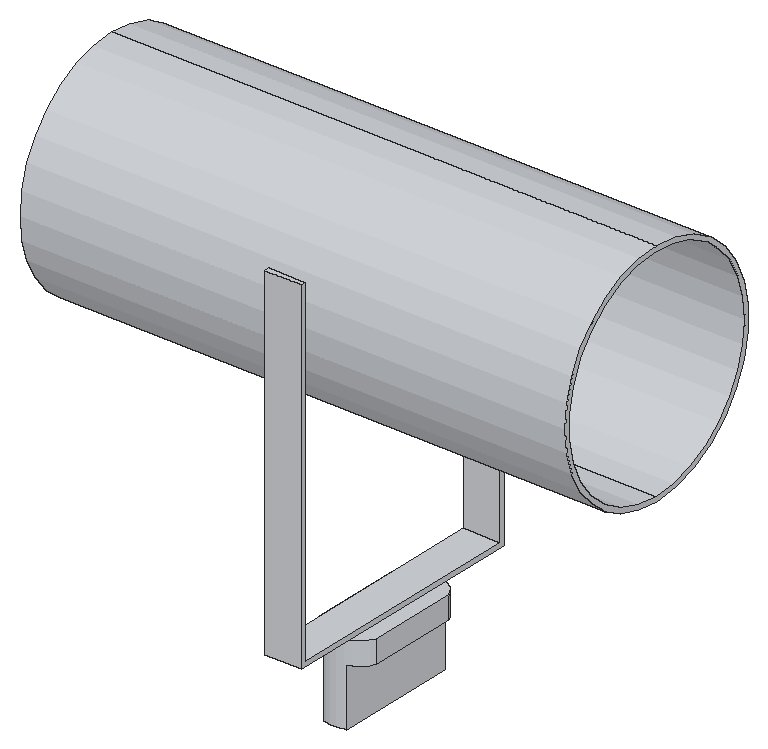
Revit family "EURS_63_LF_FB_ST321T", category Lighting Fixtures, host Face, Revit 2018 (continued)
Definition of nested family "ST321T IES Data"
  Types (216, lengths in mm): name | Wattage | built-in parameter 1150134 | Photometric Web File | built-in parameter 1150105 | Lumens | Lamp | built-in parameter 1150107 | built-in parameter 1150106 | built-in parameter 1150104 | Apparent Load
    1 xLED27S_FR WB | 33 W | (empty or 0) | "ST321T 1 xLED27S_FR WB.ies" | 246.69 (stored number, unit not read) | 3100 lm | "LED27S/FR/-" | 3000 (stored number, unit not read) | 2.4669 (stored number, unit not read) | 8.7273 (stored number, unit not read) | 33 VA
    1 xLED27S_FR OVL-V | 33 W | (empty or 0) | "ST321T 1 xLED27S_FR OVL-V.ies" | 230.77 (stored number, unit not read) | 2900 lm | "LED27S/FR/-" | 3000 (stored number, unit not read) | 2.3077 (stored number, unit not read) | 8.1642 (stored number, unit not read) | 33 VA
    1 xLED27S_FR OVL-H | 33 W | (empty or 0) | "ST321T 1 xLED27S_FR OVL-H.ies" | 230.77 (stored number, unit not read) | 2900 lm | "LED27S/FR/-" | 3000 (stored number, unit not read) | 2.3077 (stored number, unit not read) | 8.1642 (stored number, unit not read) | 33 VA
    1 xLED27S_FR HWB | 33 W | (empty or 0) | "ST321T 1 xLED27S_FR HWB.ies" | 254.65 (stored number, unit not read) | 3200 lm | "LED27S/FR/-" | 3000 (stored number, unit not read) | 2.5465 (stored number, unit not read) | 9.0088 (stored number, unit not read) | 33 VA
    1 xLED27S_FR HVWB | 33 W | (empty or 0) | "ST321T 1 xLED27S_FR HVWB.ies" | 254.65 (stored number, unit not read) | 3200 lm | "LED27S/FR/-" | 3000 (stored number, unit not read) | 2.5465 (stored number, unit not read) | 9.0088 (stored number, unit not read) | 33 VA
    1 xLED27S_FR HOVL-V | 33 W | (empty or 0) | "ST321T 1 xLED27S_FR HOVL-V.ies" | 230.77 (stored number, unit not read) | 2900 lm | "LED27S/FR/-" | 3000 (stored number, unit not read) | 2.3077 (stored number, unit not read) | 8.1642 (stored number, unit not read) | 33 VA
    1 xLED27S_FR HOVL-H | 33 W | (empty or 0) | "ST321T 1 xLED27S_FR HOVL-H.ies" | 230.77 (stored number, unit not read) | 2900 lm | "LED27S/FR/-" | 3000 (stored number, unit not read) | 2.3077 (stored number, unit not read) | 8.1642 (stored number, unit not read) | 33 VA
    1 xLED27S_FR HMB | 33 W | (empty or 0) | "ST321T 1 xLED27S_FR HMB.ies" | 254.65 (stored number, unit not read) | 3200 lm | "LED27S/FR/-" | 3000 (stored number, unit not read) | 2.5465 (stored number, unit not read) | 9.0088 (stored number, unit not read) | 33 VA
    1 xLED27S_FMT VWB | 36 W | (empty or 0) | "ST321T 1 xLED27S_FMT VWB.ies" | 198.94 (stored number, unit not read) | 2500 lm | "LED27S/FMT/-" | 3000 (stored number, unit not read) | 1.9894 (stored number, unit not read) | 6.4516 (stored number, unit not read) | 36 VA
    1 xLED27S_FMT OVL-V | 36 W | (empty or 0) | "ST321T 1 xLED27S_FMT OVL-V.ies" | 183.03 (stored number, unit not read) | 2300 lm | "LED27S/FMT/-" | 3000 (stored number, unit not read) | 1.8303 (stored number, unit not read) | 5.9355 (stored number, unit not read) | 36 VA
    1 xLED27S_FMT OVL-H | 36 W | (empty or 0) | "ST321T 1 xLED27S_FMT OVL-H.ies" | 183.03 (stored number, unit not read) | 2300 lm | "LED27S/FMT/-" | 3000 (stored number, unit not read) | 1.8303 (stored number, unit not read) | 5.9355 (stored number, unit not read) | 36 VA
    1 xLED27S_FMT HWB | 36 W | (empty or 0) | "ST321T 1 xLED27S_FMT HWB.ies" | 206.9 (stored number, unit not read) | 2600 lm | "LED27S/FMT/-" | 3000 (stored number, unit not read) | 2.069 (stored number, unit not read) | 6.7097 (stored number, unit not read) | 36 VA
    1 xLED27S_FMT HVWB | 36 W | (empty or 0) | "ST321T 1 xLED27S_FMT HVWB.ies" | 206.9 (stored number, unit not read) | 2600 lm | "LED27S/FMT/-" | 3000 (stored number, unit not read) | 2.069 (stored number, unit not read) | 6.7097 (stored number, unit not read) | 36 VA
    1 xLED27S_FMT HOVL-V | 36 W | (empty or 0) | "ST321T 1 xLED27S_FMT HOVL-V.ies" | 190.99 (stored number, unit not read) | 2400 lm | "LED27S/FMT/-" | 3000 (stored number, unit not read) | 1.9099 (stored number, unit not read) | 6.1935 (stored number, unit not read) | 36 VA
    1 xLED27S_FMT HOVL-H | 36 W | (empty or 0) | "ST321T 1 xLED27S_FMT HOVL-H.ies" | 190.99 (stored number, unit not read) | 2400 lm | "LED27S/FMT/-" | 3000 (stored number, unit not read) | 1.9099 (stored number, unit not read) | 6.1935 (stored number, unit not read) | 36 VA
    1 xLED27S_FMT HMB | 36 W | (empty or 0) | "ST321T 1 xLED27S_FMT HMB.ies" | 206.9 (stored number, unit not read) | 2600 lm | "LED27S/FMT/-" | 3000 (stored number, unit not read) | 2.069 (stored number, unit not read) | 6.7097 (stored number, unit not read) | 36 VA
    1 xLED27S_CH WB | 23.5 W | (empty or 0) | "ST321T 1 xLED27S_CH WB.ies" | 214.86 (stored number, unit not read) | 2700 lm | "LED27S/CH/-" | 3000 (stored number, unit not read) | 2.1486 (stored number, unit not read) | 10.674 (stored number, unit not read) | 23.5 VA
    1 xLED27S_CH OVL-V | 23.5 W | (empty or 0) | "ST321T 1 xLED27S_CH OVL-V.ies" | 198.94 (stored number, unit not read) | 2500 lm | "LED27S/CH/-" | 3000 (stored number, unit not read) | 1.9894 (stored number, unit not read) | 9.8833 (stored number, unit not read) | 23.5 VA
    1 xLED27S_CH OVL-H | 23.5 W | (empty or 0) | "ST321T 1 xLED27S_CH OVL-H.ies" | 198.94 (stored number, unit not read) | 2500 lm | "LED27S/CH/-" | 3000 (stored number, unit not read) | 1.9894 (stored number, unit not read) | 9.8833 (stored number, unit not read) | 23.5 VA
    1 xLED27S_CH HWB | 19 W | (empty or 0) | "ST321T 1 xLED27S_CH HWB.ies" | 206.9 (stored number, unit not read) | 2600 lm | "LED27S/CH/-" | 3000 (stored number, unit not read) | 2.069 (stored number, unit not read) | 12.713 (stored number, unit not read) | 19 VA
    1 xLED27S_CH HVWB | 19 W | (empty or 0) | "ST321T 1 xLED27S_CH HVWB.ies" | 206.9 (stored number, unit not read) | 2600 lm | "LED27S/CH/-" | 3000 (stored number, unit not read) | 2.069 (stored number, unit not read) | 12.713 (stored number, unit not read) | 19 VA
    1 xLED27S_CH HOVL-V | 23.5 W | (empty or 0) | "ST321T 1 xLED27S_CH HOVL-V.ies" | 190.99 (stored number, unit not read) | 2400 lm | "LED27S/CH/-" | 3000 (stored number, unit not read) | 1.9099 (stored number, unit not read) | 9.488 (stored number, unit not read) | 23.5 VA
    1 xLED27S_CH HOVL-H | 23.5 W | (empty or 0) | "ST321T 1 xLED27S_CH HOVL-H.ies" | 190.99 (stored number, unit not read) | 2400 lm | "LED27S/CH/-" | 3000 (stored number, unit not read) | 1.9099 (stored number, unit not read) | 9.488 (stored number, unit not read) | 23.5 VA
    1 xLED27S_CH HMB | 19 W | (empty or 0) | "ST321T 1 xLED27S_CH HMB.ies" | 206.9 (stored number, unit not read) | 2600 lm | "LED27S/CH/-" | 3000 (stored number, unit not read) | 2.069 (stored number, unit not read) | 12.713 (stored number, unit not read) | 19 VA
    1 xLED27S_840 WB | 23.5 W | 12 | "ST321T 1 xLED27S_840 WB.ies" | 238.73 (stored number, unit not read) | 3000 lm | "LED27S/840/-" | 4000 (stored number, unit not read) | 2.3873 (stored number, unit not read) | 11.86 (stored number, unit not read) | 23.5 VA
    1 xLED27S_840 OVL-V | 23.5 W | 12 | "ST321T 1 xLED27S_840 OVL-V.ies" | 222.82 (stored number, unit not read) | 2800 lm | "LED27S/840/-" | 4000 (stored number, unit not read) | 2.2282 (stored number, unit not read) | 11.069 (stored number, unit not read) | 23.5 VA
    1 xLED27S_840 OVL-H | 23.5 W | 12 | "ST321T 1 xLED27S_840 OVL-H.ies" | 222.82 (stored number, unit not read) | 2800 lm | "LED27S/840/-" | 4000 (stored number, unit not read) | 2.2282 (stored number, unit not read) | 11.069 (stored number, unit not read) | 23.5 VA
    1 xLED27S_840 HWB | 19 W | 12 | "ST321T 1 xLED27S_840 HWB.ies" | 222.82 (stored number, unit not read) | 2800 lm | "LED27S/840/-" | 4000 (stored number, unit not read) | 2.2282 (stored number, unit not read) | 13.691 (stored number, unit not read) | 19 VA
    1 xLED27S_840 HVWB | 19 W | 12 | "ST321T 1 xLED27S_840 HVWB.ies" | 222.82 (stored number, unit not read) | 2800 lm | "LED27S/840/-" | 4000 (stored number, unit not read) | 2.2282 (stored number, unit not read) | 13.691 (stored number, unit not read) | 19 VA
    1 xLED27S_840 HOVL-V | 23.5 W | 12 | "ST321T 1 xLED27S_840 HOVL-V.ies" | 206.9 (stored number, unit not read) | 2600 lm | "LED27S/840/-" | 4000 (stored number, unit not read) | 2.069 (stored number, unit not read) | 10.279 (stored number, unit not read) | 23.5 VA
    1 xLED27S_840 HOVL-H | 23.5 W | 12 | "ST321T 1 xLED27S_840 HOVL-H.ies" | 206.9 (stored number, unit not read) | 2600 lm | "LED27S/840/-" | 4000 (stored number, unit not read) | 2.069 (stored number, unit not read) | 10.279 (stored number, unit not read) | 23.5 VA
    1 xLED27S_840 HMB | 19 W | 12 | "ST321T 1 xLED27S_840 HMB.ies" | 222.82 (stored number, unit not read) | 2800 lm | "LED27S/840/-" | 4000 (stored number, unit not read) | 2.2282 (stored number, unit not read) | 13.691 (stored number, unit not read) | 19 VA
    1 xLED27S_830 WB | 23.5 W | (empty or 0) | "ST321T 1 xLED27S_830 WB.ies" | 230.77 (stored number, unit not read) | 2900 lm | "LED27S/830/-" | 3000 (stored number, unit not read) | 2.3077 (stored number, unit not read) | 11.465 (stored number, unit not read) | 23.5 VA
    1 xLED27S_830 OVL-V | 23.5 W | (empty or 0) | "ST321T 1 xLED27S_830 OVL-V.ies" | 206.9 (stored number, unit not read) | 2600 lm | "LED27S/830/-" | 3000 (stored number, unit not read) | 2.069 (stored number, unit not read) | 10.279 (stored number, unit not read) | 23.5 VA
    1 xLED27S_830 OVL-H | 23.5 W | (empty or 0) | "ST321T 1 xLED27S_830 OVL-H.ies" | 206.9 (stored number, unit not read) | 2600 lm | "LED27S/830/-" | 3000 (stored number, unit not read) | 2.069 (stored number, unit not read) | 10.279 (stored number, unit not read) | 23.5 VA
    1 xLED27S_830 HWB | 19 W | (empty or 0) | "ST321T 1 xLED27S_830 HWB.ies" | 214.86 (stored number, unit not read) | 2700 lm | "LED27S/830/-" | 3000 (stored number, unit not read) | 2.1486 (stored number, unit not read) | 13.202 (stored number, unit not read) | 19 VA
    1 xLED27S_830 HVWB | 19 W | (empty or 0) | "ST321T 1 xLED27S_830 HVWB.ies" | 214.86 (stored number, unit not read) | 2700 lm | "LED27S/830/-" | 3000 (stored number, unit not read) | 2.1486 (stored number, unit not read) | 13.202 (stored number, unit not read) | 19 VA
    1 xLED27S_830 HOVL-V | 23.5 W | (empty or 0) | "ST321T 1 xLED27S_830 HOVL-V.ies" | 198.94 (stored number, unit not read) | 2500 lm | "LED27S/830/-" | 3000 (stored number, unit not read) | 1.9894 (stored number, unit not read) | 9.8833 (stored number, unit not read) | 23.5 VA
    1 xLED27S_830 HOVL-H | 23.5 W | (empty or 0) | "ST321T 1 xLED27S_830 HOVL-H.ies" | 198.94 (stored number, unit not read) | 2500 lm | "LED27S/830/-" | 3000 (stored number, unit not read) | 1.9894 (stored number, unit not read) | 9.8833 (stored number, unit not read) | 23.5 VA
    1 xLED27S_830 HMB | 19 W | (empty or 0) | "ST321T 1 xLED27S_830 HMB.ies" | 214.86 (stored number, unit not read) | 2700 lm | "LED27S/830/-" | 3000 (stored number, unit not read) | 2.1486 (stored number, unit not read) | 13.202 (stored number, unit not read) | 19 VA
    1 xLED27S_827 WB | 23.5 W | (empty or 0) | "ST321T 1 xLED27S_827 WB.ies" | 214.86 (stored number, unit not read) | 2700 lm | "LED27S/827/-" | 2700 (stored number, unit not read) | 2.1486 (stored number, unit not read) | 10.674 (stored number, unit not read) | 23.5 VA
    1 xLED27S_827 OVL-V | 23.5 W | (empty or 0) | "ST321T 1 xLED27S_827 OVL-V.ies" | 198.94 (stored number, unit not read) | 2500 lm | "LED27S/827/-" | 2700 (stored number, unit not read) | 1.9894 (stored number, unit not read) | 9.8833 (stored number, unit not read) | 23.5 VA
    1 xLED27S_827 OVL-H | 23.5 W | (empty or 0) | "ST321T 1 xLED27S_827 OVL-H.ies" | 198.94 (stored number, unit not read) | 2500 lm | "LED27S/827/-" | 2700 (stored number, unit not read) | 1.9894 (stored number, unit not read) | 9.8833 (stored number, unit not read) | 23.5 VA
    1 xLED27S_827 HWB | 19 W | (empty or 0) | "ST321T 1 xLED27S_827 HWB.ies" | 206.9 (stored number, unit not read) | 2600 lm | "LED27S/827/-" | 2700 (stored number, unit not read) | 2.069 (stored number, unit not read) | 12.713 (stored number, unit not read) | 19 VA
    1 xLED27S_827 HVWB | 19 W | (empty or 0) | "ST321T 1 xLED27S_827 HVWB.ies" | 206.9 (stored number, unit not read) | 2600 lm | "LED27S/827/-" | 2700 (stored number, unit not read) | 2.069 (stored number, unit not read) | 12.713 (stored number, unit not read) | 19 VA
    1 xLED27S_827 HOVL-V | 23.5 W | (empty or 0) | "ST321T 1 xLED27S_827 HOVL-V.ies" | 190.99 (stored number, unit not read) | 2400 lm | "LED27S/827/-" | 2700 (stored number, unit not read) | 1.9099 (stored number, unit not read) | 9.488 (stored number, unit not read) | 23.5 VA
    1 xLED27S_827 HOVL-H | 23.5 W | (empty or 0) | "ST321T 1 xLED27S_827 HOVL-H.ies" | 190.99 (stored number, unit not read) | 2400 lm | "LED27S/827/-" | 2700 (stored number, unit not read) | 1.9099 (stored number, unit not read) | 9.488 (stored number, unit not read) | 23.5 VA
    1 xLED27S_827 HMB | 19 W | (empty or 0) | "ST321T 1 xLED27S_827 HMB.ies" | 206.9 (stored number, unit not read) | 2600 lm | "LED27S/827/-" | 2700 (stored number, unit not read) | 2.069 (stored number, unit not read) | 12.713 (stored number, unit not read) | 19 VA
    1 xLED20S_PW930 NB | 20.5 W | (empty or 0) | "ST321T 1 xLED20S_PW930 NB.ies" | 159.15 (stored number, unit not read) | 2000 lm | "LED20S/PW930/-" | 3000 (stored number, unit not read) | 1.5915 (stored number, unit not read) | 9.0637 (stored number, unit not read) | 20.5 VA
    1 xLED20S_PW930 HNB | 20.5 W | (empty or 0) | "ST321T 1 xLED20S_PW930 HNB.ies" | 159.15 (stored number, unit not read) | 2000 lm | "LED20S/PW930/-" | 3000 (stored number, unit not read) | 1.5915 (stored number, unit not read) | 9.0637 (stored number, unit not read) | 20.5 VA
    1 xLED20S_840 NB | 21 W | 12 | "ST321T 1 xLED20S_840 NB.ies" | 190.99 (stored number, unit not read) | 2400 lm | "LED20S/840/-" | 4000 (stored number, unit not read) | 1.9099 (stored number, unit not read) | 10.617 (stored number, unit not read) | 21 VA
    1 xLED20S_840 HNB | 21 W | 12 | "ST321T 1 xLED20S_840 HNB.ies" | 190.99 (stored number, unit not read) | 2400 lm | "LED20S/840/-" | 4000 (stored number, unit not read) | 1.9099 (stored number, unit not read) | 10.617 (stored number, unit not read) | 21 VA
    1 xLED20S_830 NB | 21 W | (empty or 0) | "ST321T 1 xLED20S_830 NB.ies" | 175.07 (stored number, unit not read) | 2200 lm | "LED20S/830/-" | 3000 (stored number, unit not read) | 1.7507 (stored number, unit not read) | 9.7327 (stored number, unit not read) | 21 VA
    1 xLED20S_830 HNB | 21 W | (empty or 0) | "ST321T 1 xLED20S_830 HNB.ies" | 183.03 (stored number, unit not read) | 2300 lm | "LED20S/830/-" | 3000 (stored number, unit not read) | 1.8303 (stored number, unit not read) | 10.175 (stored number, unit not read) | 21 VA
    1 xLED20S_827 NB | 21 W | (empty or 0) | "ST321T 1 xLED20S_827 NB.ies" | 175.07 (stored number, unit not read) | 2200 lm | "LED20S/827/-" | 2700 (stored number, unit not read) | 1.7507 (stored number, unit not read) | 9.7327 (stored number, unit not read) | 21 VA
    1 xLED20S_827 HNB | 21 W | (empty or 0) | "ST321T 1 xLED20S_827 HNB.ies" | 175.07 (stored number, unit not read) | 2200 lm | "LED20S/827/-" | 2700 (stored number, unit not read) | 1.7507 (stored number, unit not read) | 9.7327 (stored number, unit not read) | 21 VA
    1 xLED19S_ROSE VWB | 19 W | (empty or 0) | "ST321T 1 xLED19S_ROSE VWB.ies" | 155.18 (stored number, unit not read) | 1950 lm | "LED19S/ROSE/-" | 3000 (stored number, unit not read) | 1.5518 (stored number, unit not read) | 9.5348 (stored number, unit not read) | 19 VA
    1 xLED19S_ROSE OVL-V | 19 W | (empty or 0) | "ST321T 1 xLED19S_ROSE OVL-V.ies" | 143.24 (stored number, unit not read) | 1800 lm | "LED19S/ROSE/-" | 3000 (stored number, unit not read) | 1.4324 (stored number, unit not read) | 8.8013 (stored number, unit not read) | 19 VA
    1 xLED19S_ROSE OVL-H | 19 W | (empty or 0) | "ST321T 1 xLED19S_ROSE OVL-H.ies" | 143.24 (stored number, unit not read) | 1800 lm | "LED19S/ROSE/-" | 3000 (stored number, unit not read) | 1.4324 (stored number, unit not read) | 8.8013 (stored number, unit not read) | 19 VA
    1 xLED19S_ROSE HWB | 19 W | (empty or 0) | "ST321T 1 xLED19S_ROSE HWB.ies" | 159.15 (stored number, unit not read) | 2000 lm | "LED19S/ROSE/-" | 3000 (stored number, unit not read) | 1.5915 (stored number, unit not read) | 9.7793 (stored number, unit not read) | 19 VA
    1 xLED19S_ROSE HVWB | 19 W | (empty or 0) | "ST321T 1 xLED19S_ROSE HVWB.ies" | 159.15 (stored number, unit not read) | 2000 lm | "LED19S/ROSE/-" | 3000 (stored number, unit not read) | 1.5915 (stored number, unit not read) | 9.7793 (stored number, unit not read) | 19 VA
    1 xLED19S_ROSE HOVL-V | 19 W | (empty or 0) | "ST321T 1 xLED19S_ROSE HOVL-V.ies" | 147.22 (stored number, unit not read) | 1850 lm | "LED19S/ROSE/-" | 3000 (stored number, unit not read) | 1.4722 (stored number, unit not read) | 9.0458 (stored number, unit not read) | 19 VA
    1 xLED19S_ROSE HOVL-H | 19 W | (empty or 0) | "ST321T 1 xLED19S_ROSE HOVL-H.ies" | 147.22 (stored number, unit not read) | 1850 lm | "LED19S/ROSE/-" | 3000 (stored number, unit not read) | 1.4722 (stored number, unit not read) | 9.0458 (stored number, unit not read) | 19 VA
    1 xLED19S_ROSE HMB | 19 W | (empty or 0) | "ST321T 1 xLED19S_ROSE HMB.ies" | 159.15 (stored number, unit not read) | 2000 lm | "LED19S/ROSE/-" | 3000 (stored number, unit not read) | 1.5915 (stored number, unit not read) | 9.7793 (stored number, unit not read) | 19 VA
    1 xLED19S_FMT OVL-V | 23 W | (empty or 0) | "ST321T 1 xLED19S_FMT OVL-V.ies" | 135.28 (stored number, unit not read) | 1700 lm | "LED19S/FMT/-" | 3000 (stored number, unit not read) | 1.3528 (stored number, unit not read) | 6.8667 (stored number, unit not read) | 23 VA
    1 xLED19S_FMT OVL-H | 23 W | (empty or 0) | "ST321T 1 xLED19S_FMT OVL-H.ies" | 135.28 (stored number, unit not read) | 1700 lm | "LED19S/FMT/-" | 3000 (stored number, unit not read) | 1.3528 (stored number, unit not read) | 6.8667 (stored number, unit not read) | 23 VA
    1 xLED19S_FMT MB | 23 W | (empty or 0) | "ST321T 1 xLED19S_FMT MB.ies" | 147.22 (stored number, unit not read) | 1850 lm | "LED19S/FMT/-" | 3000 (stored number, unit not read) | 1.4722 (stored number, unit not read) | 7.4726 (stored number, unit not read) | 23 VA
    1 xLED19S_FMT HWB | 23 W | (empty or 0) | "ST321T 1 xLED19S_FMT HWB.ies" | 151.2 (stored number, unit not read) | 1900 lm | "LED19S/FMT/-" | 3000 (stored number, unit not read) | 1.512 (stored number, unit not read) | 7.6746 (stored number, unit not read) | 23 VA
    1 xLED19S_FMT HVWB | 23 W | (empty or 0) | "ST321T 1 xLED19S_FMT HVWB.ies" | 151.2 (stored number, unit not read) | 1900 lm | "LED19S/FMT/-" | 3000 (stored number, unit not read) | 1.512 (stored number, unit not read) | 7.6746 (stored number, unit not read) | 23 VA
    1 xLED19S_FMT HOVL-V | 23 W | (empty or 0) | "ST321T 1 xLED19S_FMT HOVL-V.ies" | 139.26 (stored number, unit not read) | 1750 lm | "LED19S/FMT/-" | 3000 (stored number, unit not read) | 1.3926 (stored number, unit not read) | 7.0687 (stored number, unit not read) | 23 VA
    1 xLED19S_FMT HOVL-H | 23 W | (empty or 0) | "ST321T 1 xLED19S_FMT HOVL-H.ies" | 139.26 (stored number, unit not read) | 1750 lm | "LED19S/FMT/-" | 3000 (stored number, unit not read) | 1.3926 (stored number, unit not read) | 7.0687 (stored number, unit not read) | 23 VA
    1 xLED19S_FMT HMB | 23 W | (empty or 0) | "ST321T 1 xLED19S_FMT HMB.ies" | 151.2 (stored number, unit not read) | 1900 lm | "LED19S/FMT/-" | 3000 (stored number, unit not read) | 1.512 (stored number, unit not read) | 7.6746 (stored number, unit not read) | 23 VA
    1 xLED17S_PW930 WB | 13.6 W | (empty or 0) | "ST321T 1 xLED17S_PW930 WB.ies" | 139.26 (stored number, unit not read) | 1750 lm | "LED17S/PW930/-" | 3000 (stored number, unit not read) | 1.3926 (stored number, unit not read) | 11.954 (stored number, unit not read) | 13.6 VA
    1 xLED17S_PW930 OVL-V | 13.6 W | (empty or 0) | "ST321T 1 xLED17S_PW930 OVL-V.ies" | 127.32 (stored number, unit not read) | 1600 lm | "LED17S/PW930/-" | 3000 (stored number, unit not read) | 1.2732 (stored number, unit not read) | 10.93 (stored number, unit not read) | 13.6 VA
    1 xLED17S_PW930 OVL-H | 13.6 W | (empty or 0) | "ST321T 1 xLED17S_PW930 OVL-H.ies" | 127.32 (stored number, unit not read) | 1600 lm | "LED17S/PW930/-" | 3000 (stored number, unit not read) | 1.2732 (stored number, unit not read) | 10.93 (stored number, unit not read) | 13.6 VA
    1 xLED17S_PW930 HWB | 13.6 W | (empty or 0) | "ST321T 1 xLED17S_PW930 HWB.ies" | 143.24 (stored number, unit not read) | 1800 lm | "LED17S/PW930/-" | 3000 (stored number, unit not read) | 1.4324 (stored number, unit not read) | 12.296 (stored number, unit not read) | 13.6 VA
    1 xLED17S_PW930 HVWB | 13.6 W | (empty or 0) | "ST321T 1 xLED17S_PW930 HVWB.ies" | 143.24 (stored number, unit not read) | 1800 lm | "LED17S/PW930/-" | 3000 (stored number, unit not read) | 1.4324 (stored number, unit not read) | 12.296 (stored number, unit not read) | 13.6 VA
    1 xLED17S_PW930 HOVL-V | 13.6 W | (empty or 0) | "ST321T 1 xLED17S_PW930 HOVL-V.ies" | 131.3 (stored number, unit not read) | 1650 lm | "LED17S/PW930/-" | 3000 (stored number, unit not read) | 1.313 (stored number, unit not read) | 11.271 (stored number, unit not read) | 13.6 VA
    1 xLED17S_PW930 HOVL-H | 13.6 W | (empty or 0) | "ST321T 1 xLED17S_PW930 HOVL-H.ies" | 131.3 (stored number, unit not read) | 1650 lm | "LED17S/PW930/-" | 3000 (stored number, unit not read) | 1.313 (stored number, unit not read) | 11.271 (stored number, unit not read) | 13.6 VA
    1 xLED17S_PW930 HMB | 13.6 W | (empty or 0) | "ST321T 1 xLED17S_PW930 HMB.ies" | 143.24 (stored number, unit not read) | 1800 lm | "LED17S/PW930/-" | 3000 (stored number, unit not read) | 1.4324 (stored number, unit not read) | 12.296 (stored number, unit not read) | 13.6 VA
    1 xLED17S_CH WB | 13.6 W | (empty or 0) | "ST321T 1 xLED17S_CH WB.ies" | 139.26 (stored number, unit not read) | 1750 lm | "LED17S/CH/-" | 3000 (stored number, unit not read) | 1.3926 (stored number, unit not read) | 11.954 (stored number, unit not read) | 13.6 VA
    1 xLED17S_CH OVL-V | 13.6 W | (empty or 0) | "ST321T 1 xLED17S_CH OVL-V.ies" | 127.32 (stored number, unit not read) | 1600 lm | "LED17S/CH/-" | 3000 (stored number, unit not read) | 1.2732 (stored number, unit not read) | 10.93 (stored number, unit not read) | 13.6 VA
    1 xLED17S_CH OVL-H | 13.6 W | (empty or 0) | "ST321T 1 xLED17S_CH OVL-H.ies" | 127.32 (stored number, unit not read) | 1600 lm | "LED17S/CH/-" | 3000 (stored number, unit not read) | 1.2732 (stored number, unit not read) | 10.93 (stored number, unit not read) | 13.6 VA
    1 xLED17S_CH HWB | 13.6 W | (empty or 0) | "ST321T 1 xLED17S_CH HWB.ies" | 143.24 (stored number, unit not read) | 1800 lm | "LED17S/CH/-" | 3000 (stored number, unit not read) | 1.4324 (stored number, unit not read) | 12.296 (stored number, unit not read) | 13.6 VA
    1 xLED17S_CH HVWB | 13.6 W | (empty or 0) | "ST321T 1 xLED17S_CH HVWB.ies" | 143.24 (stored number, unit not read) | 1800 lm | "LED17S/CH/-" | 3000 (stored number, unit not read) | 1.4324 (stored number, unit not read) | 12.296 (stored number, unit not read) | 13.6 VA
    1 xLED17S_CH HOVL-V | 13.6 W | (empty or 0) | "ST321T 1 xLED17S_CH HOVL-V.ies" | 135.28 (stored number, unit not read) | 1700 lm | "LED17S/CH/-" | 3000 (stored number, unit not read) | 1.3528 (stored number, unit not read) | 11.613 (stored number, unit not read) | 13.6 VA
    1 xLED17S_CH HOVL-H | 13.6 W | (empty or 0) | "ST321T 1 xLED17S_CH HOVL-H.ies" | 135.28 (stored number, unit not read) | 1700 lm | "LED17S/CH/-" | 3000 (stored number, unit not read) | 1.3528 (stored number, unit not read) | 11.613 (stored number, unit not read) | 13.6 VA
    1 xLED17S_CH HMB | 13.6 W | (empty or 0) | "ST321T 1 xLED17S_CH HMB.ies" | 143.24 (stored number, unit not read) | 1800 lm | "LED17S/CH/-" | 3000 (stored number, unit not read) | 1.4324 (stored number, unit not read) | 12.296 (stored number, unit not read) | 13.6 VA
    1 xLED17S_840 WB | 13.6 W | 12 | "ST321T 1 xLED17S_840 WB.ies" | 151.2 (stored number, unit not read) | 1900 lm | "LED17S/840/-" | 4000 (stored number, unit not read) | 1.512 (stored number, unit not read) | 12.979 (stored number, unit not read) | 13.6 VA
    1 xLED17S_840 OVL-V | 13.6 W | 12 | "ST321T 1 xLED17S_840 OVL-V.ies" | 139.26 (stored number, unit not read) | 1750 lm | "LED17S/840/-" | 4000 (stored number, unit not read) | 1.3926 (stored number, unit not read) | 11.954 (stored number, unit not read) | 13.6 VA
    1 xLED17S_840 OVL-H | 13.6 W | 12 | "ST321T 1 xLED17S_840 OVL-H.ies" | 139.26 (stored number, unit not read) | 1750 lm | "LED17S/840/-" | 4000 (stored number, unit not read) | 1.3926 (stored number, unit not read) | 11.954 (stored number, unit not read) | 13.6 VA
    1 xLED17S_840 HWB | 13.6 W | 12 | "ST321T 1 xLED17S_840 HWB.ies" | 155.18 (stored number, unit not read) | 1950 lm | "LED17S/840/-" | 4000 (stored number, unit not read) | 1.5518 (stored number, unit not read) | 13.321 (stored number, unit not read) | 13.6 VA
    1 xLED17S_840 HVWB | 13.6 W | 12 | "ST321T 1 xLED17S_840 HVWB.ies" | 155.18 (stored number, unit not read) | 1950 lm | "LED17S/840/-" | 4000 (stored number, unit not read) | 1.5518 (stored number, unit not read) | 13.321 (stored number, unit not read) | 13.6 VA
    1 xLED17S_840 HOVL-V | 13.6 W | 12 | "ST321T 1 xLED17S_840 HOVL-V.ies" | 143.24 (stored number, unit not read) | 1800 lm | "LED17S/840/-" | 4000 (stored number, unit not read) | 1.4324 (stored number, unit not read) | 12.296 (stored number, unit not read) | 13.6 VA
    1 xLED17S_840 HOVL-H | 13.6 W | 12 | "ST321T 1 xLED17S_840 HOVL-H.ies" | 143.24 (stored number, unit not read) | 1800 lm | "LED17S/840/-" | 4000 (stored number, unit not read) | 1.4324 (stored number, unit not read) | 12.296 (stored number, unit not read) | 13.6 VA
    1 xLED17S_840 HMB | 13.6 W | 12 | "ST321T 1 xLED17S_840 HMB.ies" | 155.18 (stored number, unit not read) | 1950 lm | "LED17S/840/-" | 4000 (stored number, unit not read) | 1.5518 (stored number, unit not read) | 13.321 (stored number, unit not read) | 13.6 VA
    1 xLED17S_830 WB | 13.6 W | (empty or 0) | "ST321T 1 xLED17S_830 WB.ies" | 143.24 (stored number, unit not read) | 1800 lm | "LED17S/830/-" | 3000 (stored number, unit not read) | 1.4324 (stored number, unit not read) | 12.296 (stored number, unit not read) | 13.6 VA
    1 xLED17S_830 OVL-V | 13.6 W | (empty or 0) | "ST321T 1 xLED17S_830 OVL-V.ies" | 135.28 (stored number, unit not read) | 1700 lm | "LED17S/830/-" | 3000 (stored number, unit not read) | 1.3528 (stored number, unit not read) | 11.613 (stored number, unit not read) | 13.6 VA
    1 xLED17S_830 OVL-H | 13.6 W | (empty or 0) | "ST321T 1 xLED17S_830 OVL-H.ies" | 135.28 (stored number, unit not read) | 1700 lm | "LED17S/830/-" | 3000 (stored number, unit not read) | 1.3528 (stored number, unit not read) | 11.613 (stored number, unit not read) | 13.6 VA
    1 xLED17S_830 HWB | 13.6 W | (empty or 0) | "ST321T 1 xLED17S_830 HWB.ies" | 151.2 (stored number, unit not read) | 1900 lm | "LED17S/830/-" | 3000 (stored number, unit not read) | 1.512 (stored number, unit not read) | 12.979 (stored number, unit not read) | 13.6 VA
    1 xLED17S_830 HVWB | 13.6 W | (empty or 0) | "ST321T 1 xLED17S_830 HVWB.ies" | 151.2 (stored number, unit not read) | 1900 lm | "LED17S/830/-" | 3000 (stored number, unit not read) | 1.512 (stored number, unit not read) | 12.979 (stored number, unit not read) | 13.6 VA
    1 xLED17S_830 HOVL-V | 13.6 W | (empty or 0) | "ST321T 1 xLED17S_830 HOVL-V.ies" | 139.26 (stored number, unit not read) | 1750 lm | "LED17S/830/-" | 3000 (stored number, unit not read) | 1.3926 (stored number, unit not read) | 11.954 (stored number, unit not read) | 13.6 VA
    1 xLED17S_830 HOVL-H | 13.6 W | (empty or 0) | "ST321T 1 xLED17S_830 HOVL-H.ies" | 139.26 (stored number, unit not read) | 1750 lm | "LED17S/830/-" | 3000 (stored number, unit not read) | 1.3926 (stored number, unit not read) | 11.954 (stored number, unit not read) | 13.6 VA
    1 xLED17S_830 HMB | 13.6 W | (empty or 0) | "ST321T 1 xLED17S_830 HMB.ies" | 151.2 (stored number, unit not read) | 1900 lm | "LED17S/830/-" | 3000 (stored number, unit not read) | 1.512 (stored number, unit not read) | 12.979 (stored number, unit not read) | 13.6 VA
    1 xLED17S_827 WB | 13.6 W | (empty or 0) | "ST321T 1 xLED17S_827 WB.ies" | 139.26 (stored number, unit not read) | 1750 lm | "LED17S/827/-" | 2700 (stored number, unit not read) | 1.3926 (stored number, unit not read) | 11.954 (stored number, unit not read) | 13.6 VA
    1 xLED17S_827 OVL-V | 13.6 W | (empty or 0) | "ST321T 1 xLED17S_827 OVL-V.ies" | 127.32 (stored number, unit not read) | 1600 lm | "LED17S/827/-" | 2700 (stored number, unit not read) | 1.2732 (stored number, unit not read) | 10.93 (stored number, unit not read) | 13.6 VA
    1 xLED17S_827 OVL-H | 13.6 W | (empty or 0) | "ST321T 1 xLED17S_827 OVL-H.ies" | 127.32 (stored number, unit not read) | 1600 lm | "LED17S/827/-" | 2700 (stored number, unit not read) | 1.2732 (stored number, unit not read) | 10.93 (stored number, unit not read) | 13.6 VA
    1 xLED17S_827 HWB | 13.6 W | (empty or 0) | "ST321T 1 xLED17S_827 HWB.ies" | 143.24 (stored number, unit not read) | 1800 lm | "LED17S/827/-" | 2700 (stored number, unit not read) | 1.4324 (stored number, unit not read) | 12.296 (stored number, unit not read) | 13.6 VA
    1 xLED17S_827 HVWB | 13.6 W | (empty or 0) | "ST321T 1 xLED17S_827 HVWB.ies" | 143.24 (stored number, unit not read) | 1800 lm | "LED17S/827/-" | 2700 (stored number, unit not read) | 1.4324 (stored number, unit not read) | 12.296 (stored number, unit not read) | 13.6 VA
    1 xLED17S_827 HOVL-V | 13.6 W | (empty or 0) | "ST321T 1 xLED17S_827 HOVL-V.ies" | 135.28 (stored number, unit not read) | 1700 lm | "LED17S/827/-" | 2700 (stored number, unit not read) | 1.3528 (stored number, unit not read) | 11.613 (stored number, unit not read) | 13.6 VA
    1 xLED17S_827 HOVL-H | 13.6 W | (empty or 0) | "ST321T 1 xLED17S_827 HOVL-H.ies" | 135.28 (stored number, unit not read) | 1700 lm | "LED17S/827/-" | 2700 (stored number, unit not read) | 1.3528 (stored number, unit not read) | 11.613 (stored number, unit not read) | 13.6 VA
    1 xLED17S_827 HMB | 13.6 W | (empty or 0) | "ST321T 1 xLED17S_827 HMB.ies" | 143.24 (stored number, unit not read) | 1800 lm | "LED17S/827/-" | 2700 (stored number, unit not read) | 1.4324 (stored number, unit not read) | 12.296 (stored number, unit not read) | 13.6 VA
  Reference planes
    plane 1 "Center (Front/Back)": y = 0
    plane 2: z = 0
    plane 3 "Center (Left/Right)": x = 0
  Forms (mm)
    Extrusion 1, solid
      sketch origin (0, 0, 0) x (1, 0, 0) y (0, 1, 0)
        loop
          line (-1219.2, 1219.2) -> (-1219.2, -1219.2) -> (1219.2, -1219.2) -> (1219.2, 1219.2) -> (-1219.2, 1219.2)
      from 0 to 123.942
  Dimensions and locks
    aligned and locked: plane 2 to Extrusion 1
    aligned and locked: level to Extrusion 1
